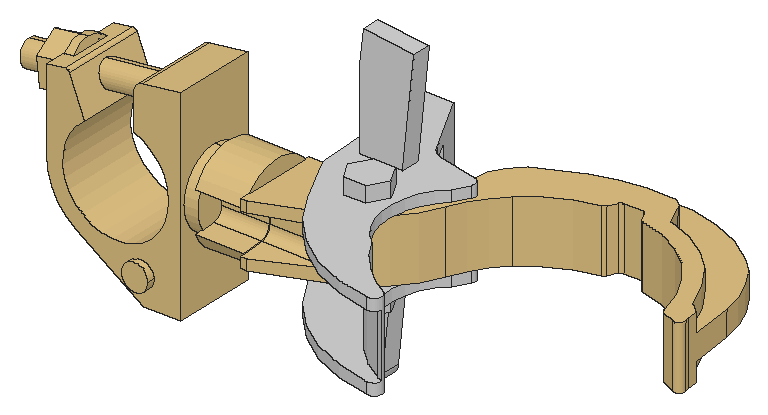
Revit family "EHL_SWIVEL BRACING HOOK_2220100", category Generic Models, Revit 2018
Family settings
  Can host rebar = No
  Round Connector Dimension = Use Diameter
  Part Type = Normal
  OmniClass Number = 35.51.14.00
  OmniClass Title = FORMWORK
  Work Plane-Based = Yes
  Always vertical = No
  Cut with Voids When Loaded = No
  Shared = Yes
  Room Calculation Point = No
Parameters
  VERSION = "20170217"  # constant formula
  URL = "www.ulmaconstruction.com/en"
  UNICLASS = ""
  Manufacturer = "ULMA CONSTRUCTION"  # constant formula
  ITEM_CODE = "2220100"
  FILTER [instance] = ""
  Default Elevation = 0.000 mm
  CLASSIFICATION_TITLE = ""
  CLASSIFICATION_NUMBER = ""
  ANGLE [instance] = 0.00°
Reference planes
  plane 1 "Centro (Frontal/Posterior)": y = 0
  plane 2: z = 0
  plane 3 "Centro (Izquierda/Derecha)": x = 0
  plane 4 "COUPLER POSITION": x = -171
Forms (mm)
  Extrusion 1, solid, material "ULMA BICHROMATE", detail levels fine
    sketch origin (0, 0, 0) x (-1, 0, 0) y (0, -1, 0)
      loop
        arc (-9.415, -54.949) -> (-39.125, -39.715) -> (-54.802, -10.236) r 55.75
        arc (-54.802, -10.236) -> (-55.276, -9.18) -> (-56.181, -8.458) r 2.46
        line (-56.181, -8.458) -> (-62.543, -5.491)
        arc (-62.543, -5.491) -> (-65.221, -5.854) -> (-66.004, -8.441) r 2.5
        line (-66.004, -8.441) -> (-65.503, -10.204) -> (-62.722, -35.861)
        arc (-62.722, -35.861) -> (-56.857, -54.21) -> (-44.498, -68.985) r 50.058
        arc (-44.498, -68.985) -> (-27.276, -79.37) -> (-7.835, -84.52) r 71.127
        line (-7.835, -84.52) -> (9.041, -84.52)
        arc (9.041, -84.52) -> (15.444, -83.458) -> (21.727, -81.83) r 72.924
        arc (21.727, -81.83) -> (38.94, -72.801) -> (51.518, -57.981) r 50.939
        arc (51.518, -57.981) -> (54.926, -53.297) -> (59.315, -49.519) r 25
        arc (59.315, -49.519) -> (69.169, -42.343) -> (78.5, -34.5) r 175.396
        line (78.5, -34.5) -> (79.668, -21.151)
        arc (79.668, -21.151) -> (80.95, -18.551) -> (83.653, -17.5) r 4
        line (83.653, -17.5) -> (112.779, -17.5) -> (112.779, 21) -> (110, 21) -> (80.183, 8.953)
        arc (80.183, 8.953) -> (63.164, -2.449) -> (52.146, -19.72) r 50
        arc (52.146, -19.72) -> (46.491, -30.767) -> (38.533, -40.29) r 55.75
        arc (38.533, -40.29) -> (25.075, -49.793) -> (9.427, -54.947) r 55.75
        arc (9.427, -54.947) -> (8.551, -55.329) -> (7.953, -56.073) r 2
        line (7.953, -56.073) -> (6.194, -59.845)
        arc (6.194, -59.845) -> (5.456, -60.687) -> (4.381, -61) r 2
        line (4.381, -61) -> (-4.381, -61)
        arc (-4.381, -61) -> (-5.456, -60.687) -> (-6.194, -59.845) r 2
        line (-6.194, -59.845) -> (-7.952, -56.075)
        spline (-7.952, -56.075) -> (-8.025, -55.933) -> (-8.109, -55.797) -> (-8.204, -55.668) -> (-8.309, -55.548) -> (-8.423, -55.436) -> (-8.546, -55.333) -> (-8.677, -55.241) -> (-8.814, -55.159) -> (-8.958, -55.089) -> (-9.106, -55.03) -> (-9.259, -54.984) -> (-9.415, -54.949)
      loop
        circle (75, -5) r 5.25
    from -14.2 to 14.2
  Extrusion 2, solid, material "ULMA BICHROMATE", detail levels fine
    sketch origin (0, 0, 0) x (0, 1, 0) y (0, 0, -1)
      loop
        circle (0, 0) r 21.25
    from 112.779 to 134.7
  Extrusion 3, void
    sketch origin (0, 0, 0) x (-1, 0, 0) y (0, -1, 0)
      loop
        arc (-17.172, -61.068) -> (-43.879, -45.835) -> (-60.07, -19.699) r 62.406
        line (-60.07, -19.699) -> (-66.013, -14.348) -> (-66.013, -86.27) -> (80.89, -86.27) -> (80.89, -20.894)
        arc (80.89, -20.894) -> (73.161, -21.045) -> (65.431, -21.139) r 1055.933
        arc (65.431, -21.139) -> (61.807, -25.128) -> (58.331, -29.248) r 147.622
        line (58.331, -29.248) -> (56.547, -48.914)
        arc (56.547, -48.914) -> (54.986, -51.483) -> (53.221, -53.917) r 36.931
        line (53.221, -53.917) -> (50.918, -56.844) -> (47.592, -60.536)
        arc (47.592, -60.536) -> (37.876, -65.558) -> (27.858, -69.948) r 170.736
        arc (27.858, -69.948) -> (11.017, -74.507) -> (-6.42, -75.069) r 75.203
        arc (-6.42, -75.069) -> (-10.286, -73.655) -> (-12.906, -70.481) r 7.858
        arc (-12.906, -70.481) -> (-15.044, -65.777) -> (-17.172, -61.068) r 2222.639
    from 5.6 to 14.2
  Extrusion 4, void
    sketch origin (0, 0, -35) x (-1, 0, 0) y (0, -1, 0)
      loop
        arc (-17.172, -61.068) -> (-43.879, -45.835) -> (-60.07, -19.699) r 62.406
        line (-60.07, -19.699) -> (-66.013, -14.348) -> (-66.013, -86.27) -> (80.89, -86.27) -> (80.89, -20.894)
        arc (80.89, -20.894) -> (73.161, -21.045) -> (65.431, -21.139) r 1055.933
        arc (65.431, -21.139) -> (61.807, -25.128) -> (58.331, -29.248) r 147.622
        line (58.331, -29.248) -> (56.547, -48.914)
        arc (56.547, -48.914) -> (54.986, -51.483) -> (53.221, -53.917) r 36.931
        line (53.221, -53.917) -> (50.918, -56.844) -> (47.592, -60.536)
        arc (47.592, -60.536) -> (37.876, -65.558) -> (27.858, -69.948) r 170.736
        arc (27.858, -69.948) -> (11.017, -74.507) -> (-6.42, -75.069) r 75.203
        arc (-6.42, -75.069) -> (-10.286, -73.655) -> (-12.906, -70.481) r 7.858
        arc (-12.906, -70.481) -> (-15.044, -65.777) -> (-17.172, -61.068) r 2222.639
    from 20.8 to 29.4
  Extrusion 5, solid, material "ULMA ZINC", detail levels fine
    sketch origin (0, 0, 0) x (-1, 0, 0) y (0, -1, 0)
      loop
        arc (88.479, 13.391) -> (63.063, 42.619) -> (26.896, 56.482) r 80
        arc (26.896, 56.482) -> (23.121, 54.016) -> (24.908, 49.876) r 3.5
        arc (24.908, 49.876) -> (39.309, 39.533) -> (49.734, 25.19) r 55.75
        arc (49.734, 25.19) -> (61.962, 1.553) -> (52.083, -23.159) r 32
        arc (52.083, -23.159) -> (50.416, -26.594) -> (48.522, -29.91) r 57
        arc (48.522, -29.91) -> (48.319, -32.667) -> (50.457, -34.42) r 3
        line (50.457, -34.42) -> (68.517, -38.23)
        arc (68.517, -38.23) -> (72.482, -40.036) -> (75.302, -43.357) r 10
        line (75.302, -43.357) -> (90.904, -73) -> (103.699, -73) -> (100.509, -12.123)
        arc (100.509, -12.123) -> (100.181, -10.058) -> (99.432, -8.106) r 10
        line (99.432, -8.106) -> (88.479, 13.391)
    from -19.75 to 19.75
  Extrusion 6, solid, material "ULMA ZINC", detail levels fine
    sketch origin (0, 0, 0) x (-1, 0, 0) y (0, 0, 1)
      loop
        line (69.566, 68.569) -> (83.484, -66.214)
        arc (83.484, -66.214) -> (85.85, -70.589) -> (90.616, -72.011) r 6.499
        line (90.616, -72.011) -> (97.081, -71.344) -> (93.997, -41.477) -> (93.997, 55.885) -> (92.444, 70.931) -> (69.566, 68.569)
    from 23.25 to 31.75
  Extrusion 7, solid, material "ULMA ZINC", detail levels fine
    sketch origin (0, 0, 0) x (-1, 0, 0) y (0, -1, 0)
      loop
        line (70.093, 3.5) -> (65.185, -5) -> (70.093, -13.5) -> (79.907, -13.5) -> (84.815, -5) -> (79.907, 3.5) -> (70.093, 3.5)
    from 19.75 to 26.75
  Extrusion 8, solid, material "ULMA ZINC", detail levels fine
    sketch origin (0, 0, -46.5) x (-1, 0, 0) y (0, -1, 0)
      loop
        line (70.093, 3.5) -> (65.185, -5) -> (70.093, -13.5) -> (79.907, -13.5) -> (84.815, -5) -> (79.907, 3.5) -> (70.093, 3.5)
    from 19.75 to 26.75
  Extrusion 9, void
    sketch origin (0, 0, 0) x (-1, 0, 0) y (0, -1, 0)
      loop
        arc (53.518, 21.701) -> (61.984, -1.023) -> (52.083, -23.159) r 32
        arc (52.083, -23.159) -> (50.416, -26.594) -> (48.522, -29.91) r 57
        arc (48.522, -29.91) -> (48.319, -32.667) -> (50.457, -34.42) r 3
        line (50.457, -34.42) -> (68.517, -38.23)
        arc (68.517, -38.23) -> (72.482, -40.036) -> (75.302, -43.357) r 10
        line (75.302, -43.357) -> (81.718, -55.548) -> (94, -55.548) -> (94, -23) -> (101.079, -23) -> (100.509, -12.123)
        arc (100.509, -12.123) -> (100.181, -10.058) -> (99.432, -8.106) r 10
        line (99.432, -8.106) -> (88.479, 13.391)
        arc (88.479, 13.391) -> (63.063, 42.619) -> (26.896, 56.482) r 80
        arc (26.896, 56.482) -> (24.143, 55.62) -> (22.972, 52.984) r 3.5
        arc (22.972, 52.984) -> (24.396, 52.344) -> (25.802, 51.665) r 57.75
        arc (25.802, 51.665) -> (42.395, 39.213) -> (53.518, 21.701) r 57.75
    from -14.75 to 14.75
  Extrusion 10, void
    sketch origin (0, 0, 0) x (0, 1, 0) y (0, 0, -1)
      loop
        arc (-9.288, -8.299) -> (-6.038, -6.696) -> (-4.724, -3.318) r 5
        line (-4.724, -3.318) -> (-4.724, 3.318)
        arc (-4.724, 3.318) -> (-6.038, 6.696) -> (-9.288, 8.299) r 5
        line (-9.288, 8.299) -> (-24, 9.586) -> (-24, -9.586) -> (-9.288, -8.299)
    from 69.04 to 137.016
  Extrusion 11, solid, material "ULMA BICHROMATE", detail levels coarse+medium
    sketch origin (0, 0, 0) x (1, 0, 0) y (0, 1, 0)
      loop
        arc (-109.7, 85) -> (-127.378, 77.678) -> (-134.7, 60) r 25
        line (-134.7, 60) -> (-134.7, -60)
        arc (-134.7, -60) -> (-127.378, -77.678) -> (-109.7, -85) r 25
        line (-109.7, -85) -> (40.3, -85)
        arc (40.3, -85) -> (57.978, -77.678) -> (65.3, -60) r 25
        line (65.3, -60) -> (65.3, 60)
        arc (65.3, 60) -> (57.978, 77.678) -> (40.3, 85) r 25
        line (40.3, 85) -> (-109.7, 85)
    from -14.2 to 14.2
Cuts and joins
  Extrusion 3, Extrusion 4, Extrusion 10 cuts Extrusion 1
  Extrusion 9 cuts Extrusion 5
  Extrusion 10 cuts Extrusion 2
Lines and regions (mm)
  reference lines
    curve 1: line (-171, 0, 0) -> (-171, 0, -250)
Dimensions and locks
  locked: plane 3 "Centro (Izquierda/Derecha)" to plane 4 "COUPLER POSITION" at 171
  "ANGLE": angle plane 1 "Centro (Frontal/Posterior)" to curve 1
  aligned and locked: level to plane 2
  aligned and locked: plane 2 to curve 1
  aligned and locked: plane 1 "Centro (Frontal/Posterior)" to curve 1
Automatic sketch dimensions
  Extrusion 1 sketch curve to Extrusion 1 sketch curve = 0.000 mm  (x9)
  plane 1 "Centro (Frontal/Posterior)" to Extrusion 1 sketch curve = 0.000 mm
  Extrusion 1 sketch curve to plane 3 "Centro (Izquierda/Derecha)" = 0.000 mm
  Extrusion 1 sketch curve to plane 3 "Centro (Izquierda/Derecha)" = 4.381 mm
  Extrusion 1 sketch curve to Extrusion 1 sketch curve = 1.813 mm  (x3)
  Extrusion 1 sketch curve to plane 3 "Centro (Izquierda/Derecha)" = 7.835 mm
  Extrusion 1 sketch curve to Extrusion 1 sketch curve = 1.758 mm
  Extrusion 1 sketch curve to plane 3 "Centro (Izquierda/Derecha)" = 12.998 mm
  Extrusion 1 sketch curve to plane 3 "Centro (Izquierda/Derecha)" = 38.951 mm
  plane 1 "Centro (Frontal/Posterior)" to Extrusion 1 sketch curve = 8.458 mm
  Extrusion 1 sketch curve to Extrusion 1 sketch curve = 43.182 mm
  Extrusion 1 sketch curve to Extrusion 1 sketch curve = 1.040 mm
  plane 1 "Centro (Frontal/Posterior)" to Extrusion 1 sketch curve = 5.491 mm
  Extrusion 1 sketch curve to Extrusion 1 sketch curve = 6.362 mm
  plane 1 "Centro (Frontal/Posterior)" to Extrusion 1 sketch curve = 35.861 mm
  Extrusion 1 sketch curve to Extrusion 1 sketch curve = 5.501 mm
  Extrusion 1 sketch curve to Extrusion 1 sketch curve = 1.057 mm
  plane 1 "Centro (Frontal/Posterior)" to Extrusion 1 sketch curve = 10.204 mm
  Extrusion 1 sketch curve to Extrusion 1 sketch curve = 1.903 mm
  plane 1 "Centro (Frontal/Posterior)" to Extrusion 1 sketch curve = 8.441 mm
  Extrusion 1 sketch curve to Extrusion 1 sketch curve = 0.501 mm
  plane 3 "Centro (Izquierda/Derecha)" to Extrusion 1 sketch curve = 0.317 mm
  plane 3 "Centro (Izquierda/Derecha)" to Extrusion 1 sketch curve = 0.474 mm
  plane 3 "Centro (Izquierda/Derecha)" to Extrusion 1 sketch curve = 4.381 mm
  plane 3 "Centro (Izquierda/Derecha)" to Extrusion 1 sketch curve = 7.106 mm
  Extrusion 1 sketch curve to Extrusion 1 sketch curve = 1.759 mm
  plane 3 "Centro (Izquierda/Derecha)" to Extrusion 1 sketch curve = 9.041 mm
  Extrusion 1 sketch curve to Extrusion 1 sketch curve = 63.557 mm
  plane 1 "Centro (Frontal/Posterior)" to Extrusion 1 sketch curve = 5.000 mm
  Extrusion 1 sketch curve to Extrusion 1 sketch curve = 1.678 mm
  plane 1 "Centro (Frontal/Posterior)" to Extrusion 1 sketch curve = 34.500 mm
  Extrusion 1 sketch curve to Extrusion 1 sketch curve = 3.500 mm
  plane 1 "Centro (Frontal/Posterior)" to Extrusion 1 sketch curve = 21.151 mm
  Extrusion 1 sketch curve to Extrusion 1 sketch curve = 1.168 mm
  Extrusion 1 sketch curve to plane 1 "Centro (Frontal/Posterior)" = 8.953 mm
  Extrusion 1 sketch curve to Extrusion 1 sketch curve = 5.183 mm
  Extrusion 1 sketch curve to Extrusion 1 sketch curve = 3.985 mm
  Extrusion 1 sketch curve to Extrusion 1 sketch curve = 20.413 mm
  Extrusion 1 sketch curve to Extrusion 1 sketch curve = 29.817 mm
  Extrusion 1 sketch curve to Extrusion 1 sketch curve = 2.779 mm
  Extrusion 1 sketch curve to plane 1 "Centro (Frontal/Posterior)" = 21.000 mm
  Extrusion 1 sketch curve to plane 1 "Centro (Frontal/Posterior)" = 95.765 mm
  Extrusion 1 sketch curve to Extrusion 1 sketch curve = 2.230 mm
  plane 1 "Centro (Frontal/Posterior)" to Extrusion 1 sketch curve = 12.119 mm
  Extrusion 1 sketch curve to Extrusion 1 sketch curve = 1.761 mm
  Extrusion 1 sketch curve to Extrusion 1 sketch curve = 3.651 mm
  Extrusion 1 sketch curve to Extrusion 1 sketch curve = 16.199 mm
  Extrusion 1 sketch curve to Extrusion 1 sketch curve = 19.154 mm
  Extrusion 1 sketch curve to Extrusion 1 sketch curve = 2.906 mm
  Extrusion 1 sketch curve to Extrusion 1 sketch curve = 23.038 mm
  Extrusion 1 sketch curve to Extrusion 1 sketch curve = 0.002 mm
  Extrusion 1 sketch curve to Extrusion 1 sketch curve = 0.845 mm  (x2)
  Extrusion 1 sketch curve to Extrusion 1 sketch curve = 2.925 mm
  Extrusion 1 sketch curve to Extrusion 1 sketch curve = 2.927 mm
  Extrusion 1 sketch curve to Extrusion 1 sketch curve = 35.727 mm
  Extrusion 1 sketch curve to Extrusion 1 sketch curve = 23.520 mm
  Extrusion 1 sketch curve to Extrusion 1 sketch curve = 1.464 mm
  Extrusion 1 sketch curve to Extrusion 1 sketch curve = 0.347 mm
  Extrusion 1 sketch curve to Extrusion 1 sketch curve = 12.686 mm
  Extrusion 1 sketch curve to Extrusion 1 sketch curve = 20.783 mm
  Extrusion 1 sketch curve to Extrusion 1 sketch curve = 7.797 mm
  Extrusion 1 sketch curve to Extrusion 1 sketch curve = 0.006 mm
  Extrusion 2 sketch curve to level = 0.000 mm
  Extrusion 2 sketch curve to plane 1 "Centro (Frontal/Posterior)" = 0.000 mm
  Extrusion 3 sketch curve to plane 3 "Centro (Izquierda/Derecha)" = 66.013 mm
  plane 1 "Centro (Frontal/Posterior)" to Extrusion 3 sketch curve = 19.699 mm
  Extrusion 3 sketch curve to Extrusion 3 sketch curve = 5.943 mm
  Extrusion 3 sketch curve to plane 3 "Centro (Izquierda/Derecha)" = 35.627 mm
  Extrusion 3 sketch curve to plane 3 "Centro (Izquierda/Derecha)" = 5.748 mm
  Extrusion 3 sketch curve to plane 3 "Centro (Izquierda/Derecha)" = 0.559 mm
  Extrusion 3 sketch curve to plane 3 "Centro (Izquierda/Derecha)" = 0.107 mm
  plane 3 "Centro (Izquierda/Derecha)" to Extrusion 3 sketch curve = 24.230 mm
  Extrusion 3 sketch curve to Extrusion 3 sketch curve = 23.363 mm
  Extrusion 3 sketch curve to Extrusion 3 sketch curve = 3.326 mm  (x2)
  Extrusion 3 sketch curve to Extrusion 3 sketch curve = 2.303 mm
  plane 3 "Centro (Izquierda/Derecha)" to Extrusion 3 sketch curve = 56.459 mm
  plane 1 "Centro (Frontal/Posterior)" to Extrusion 3 sketch curve = 48.914 mm
  plane 1 "Centro (Frontal/Posterior)" to Extrusion 3 sketch curve = 29.248 mm
  Extrusion 3 sketch curve to Extrusion 3 sketch curve = 1.784 mm
  Extrusion 3 sketch curve to Extrusion 3 sketch curve = 29.972 mm
  plane 4 "COUPLER POSITION" to Extrusion 3 sketch curve = 1.869 mm
  plane 4 "COUPLER POSITION" to Extrusion 3 sketch curve = 1838.334 mm
  Extrusion 3 sketch curve to Extrusion 3 sketch curve = 5.351 mm
  plane 1 "Centro (Frontal/Posterior)" to Extrusion 3 sketch curve = 0.915 mm
  plane 1 "Centro (Frontal/Posterior)" to Extrusion 3 sketch curve = 0.131 mm
  Extrusion 3 sketch curve to plane 1 "Centro (Frontal/Posterior)" = 88.546 mm
  Extrusion 3 sketch curve to plane 1 "Centro (Frontal/Posterior)" = 851.836 mm
  Extrusion 3 sketch curve to Extrusion 3 sketch curve = 946.209 mm
  plane 1 "Centro (Frontal/Posterior)" to Extrusion 3 sketch curve = 20.894 mm
  plane 1 "Centro (Frontal/Posterior)" to Extrusion 3 sketch curve = 31.039 mm
  Extrusion 3 sketch curve to Extrusion 3 sketch curve = 2.927 mm
  Extrusion 3 sketch curve to Extrusion 3 sketch curve = 3.691 mm
  Extrusion 3 sketch curve to Extrusion 3 sketch curve = 36.200 mm
  Extrusion 3 sketch curve to Extrusion 3 sketch curve = 29.426 mm
  Extrusion 3 sketch curve to Extrusion 3 sketch curve = 36.108 mm
  Extrusion 3 sketch curve to Extrusion 3 sketch curve = 11.425 mm
  Extrusion 3 sketch curve to Extrusion 3 sketch curve = 7.158 mm
  Extrusion 3 sketch curve to plane 3 "Centro (Izquierda/Derecha)" = 6.420 mm
  Extrusion 3 sketch curve to Extrusion 3 sketch curve = 19.737 mm
  Extrusion 3 sketch curve to Extrusion 3 sketch curve = 0.002 mm
  plane 3 "Centro (Izquierda/Derecha)" to Extrusion 4 sketch curve = 66.013 mm
  Extrusion 4 sketch curve to plane 1 "Centro (Frontal/Posterior)" = 19.699 mm
  Extrusion 4 sketch curve to Extrusion 4 sketch curve = 5.943 mm
  plane 3 "Centro (Izquierda/Derecha)" to Extrusion 4 sketch curve = 35.627 mm
  plane 3 "Centro (Izquierda/Derecha)" to Extrusion 4 sketch curve = 5.748 mm
  plane 3 "Centro (Izquierda/Derecha)" to Extrusion 4 sketch curve = 0.559 mm
  plane 3 "Centro (Izquierda/Derecha)" to Extrusion 4 sketch curve = 0.107 mm
  Extrusion 4 sketch curve to plane 3 "Centro (Izquierda/Derecha)" = 24.230 mm
  Extrusion 4 sketch curve to Extrusion 4 sketch curve = 23.363 mm
  Extrusion 4 sketch curve to Extrusion 4 sketch curve = 3.326 mm  (x2)
  Extrusion 4 sketch curve to Extrusion 4 sketch curve = 2.303 mm
  Extrusion 4 sketch curve to plane 3 "Centro (Izquierda/Derecha)" = 56.459 mm
  Extrusion 4 sketch curve to plane 1 "Centro (Frontal/Posterior)" = 48.914 mm
  Extrusion 4 sketch curve to plane 1 "Centro (Frontal/Posterior)" = 29.248 mm
  Extrusion 4 sketch curve to Extrusion 4 sketch curve = 1.784 mm
  Extrusion 4 sketch curve to Extrusion 4 sketch curve = 29.972 mm
  Extrusion 4 sketch curve to plane 4 "COUPLER POSITION" = 1.869 mm
  Extrusion 4 sketch curve to plane 4 "COUPLER POSITION" = 1838.334 mm
  Extrusion 4 sketch curve to Extrusion 4 sketch curve = 5.003 mm
  Extrusion 4 sketch curve to Extrusion 4 sketch curve = 2.927 mm
  Extrusion 4 sketch curve to Extrusion 4 sketch curve = 3.691 mm
  Extrusion 4 sketch curve to Extrusion 4 sketch curve = 36.200 mm
  Extrusion 4 sketch curve to Extrusion 4 sketch curve = 29.426 mm
  Extrusion 4 sketch curve to Extrusion 4 sketch curve = 36.108 mm
  Extrusion 4 sketch curve to plane 1 "Centro (Frontal/Posterior)" = 20.894 mm
  Extrusion 4 sketch curve to Extrusion 4 sketch curve = 5.351 mm
  Extrusion 4 sketch curve to plane 1 "Centro (Frontal/Posterior)" = 0.915 mm
  Extrusion 4 sketch curve to plane 1 "Centro (Frontal/Posterior)" = 0.131 mm
  plane 1 "Centro (Frontal/Posterior)" to Extrusion 4 sketch curve = 88.546 mm
  plane 1 "Centro (Frontal/Posterior)" to Extrusion 4 sketch curve = 851.836 mm
  Extrusion 4 sketch curve to Extrusion 4 sketch curve = 946.209 mm
  Extrusion 4 sketch curve to Extrusion 4 sketch curve = 11.425 mm
  Extrusion 4 sketch curve to Extrusion 4 sketch curve = 7.158 mm
  plane 3 "Centro (Izquierda/Derecha)" to Extrusion 4 sketch curve = 6.420 mm
  Extrusion 4 sketch curve to Extrusion 4 sketch curve = 19.737 mm
  Extrusion 4 sketch curve to Extrusion 4 sketch curve = 0.002 mm
  Extrusion 5 sketch curve to Extrusion 5 sketch curve = 0.000 mm  (x4)
  plane 1 "Centro (Frontal/Posterior)" to Extrusion 5 sketch curve = 0.000 mm  (x2)
  Extrusion 5 sketch curve to plane 3 "Centro (Izquierda/Derecha)" = 0.000 mm
  Extrusion 5 sketch curve to plane 3 "Centro (Izquierda/Derecha)" = 17.199 mm
  Extrusion 5 sketch curve to plane 3 "Centro (Izquierda/Derecha)" = 26.472 mm
  Extrusion 5 sketch curve to Extrusion 5 sketch curve = 12.801 mm
  Extrusion 5 sketch curve to Extrusion 5 sketch curve = 33.258 mm
  Extrusion 5 sketch curve to Extrusion 5 sketch curve = 0.619 mm
  Extrusion 5 sketch curve to Extrusion 5 sketch curve = 15.996 mm
  Extrusion 5 sketch curve to plane 1 "Centro (Frontal/Posterior)" = 38.230 mm
  Extrusion 5 sketch curve to Extrusion 5 sketch curve = 2.064 mm
  Extrusion 5 sketch curve to plane 1 "Centro (Frontal/Posterior)" = 43.357 mm
  Extrusion 5 sketch curve to Extrusion 5 sketch curve = 6.785 mm
  plane 1 "Centro (Frontal/Posterior)" to Extrusion 5 sketch curve = 13.391 mm
  Extrusion 5 sketch curve to Extrusion 5 sketch curve = 19.962 mm
  Extrusion 5 sketch curve to plane 1 "Centro (Frontal/Posterior)" = 12.646 mm
  Extrusion 5 sketch curve to Extrusion 5 sketch curve = 2.043 mm
  Extrusion 5 sketch curve to Extrusion 5 sketch curve = 15.601 mm
  Extrusion 5 sketch curve to plane 1 "Centro (Frontal/Posterior)" = 8.106 mm
  Extrusion 5 sketch curve to Extrusion 5 sketch curve = 8.910 mm
  Extrusion 5 sketch curve to plane 1 "Centro (Frontal/Posterior)" = 12.123 mm
  Extrusion 5 sketch curve to Extrusion 5 sketch curve = 12.795 mm
  Extrusion 5 sketch curve to Extrusion 5 sketch curve = 29.643 mm
  Extrusion 5 sketch curve to Extrusion 5 sketch curve = 3.810 mm
  Extrusion 5 sketch curve to Extrusion 5 sketch curve = 2.935 mm
  Extrusion 5 sketch curve to plane 1 "Centro (Frontal/Posterior)" = 22.928 mm
  plane 1 "Centro (Frontal/Posterior)" to Extrusion 5 sketch curve = 53.007 mm
  Extrusion 5 sketch curve to Extrusion 5 sketch curve = 1.564 mm
  plane 1 "Centro (Frontal/Posterior)" to Extrusion 5 sketch curve = 25.190 mm
  Extrusion 6 sketch curve to plane 3 "Centro (Izquierda/Derecha)" = 69.566 mm
  plane 4 "COUPLER POSITION" to Extrusion 6 sketch curve = 81.051 mm
  Extrusion 6 sketch curve to Extrusion 6 sketch curve = 22.878 mm
  level to Extrusion 6 sketch curve = 55.885 mm
  Extrusion 6 sketch curve to Extrusion 6 sketch curve = 1.554 mm
  Extrusion 6 sketch curve to Extrusion 6 sketch curve = 7.133 mm
  Extrusion 6 sketch curve to level = 41.477 mm
  Extrusion 6 sketch curve to Extrusion 6 sketch curve = 24.069 mm
  Extrusion 6 sketch curve to Extrusion 6 sketch curve = 5.798 mm
  Extrusion 6 sketch curve to Extrusion 6 sketch curve = 12.684 mm
  Extrusion 6 sketch curve to level = 66.214 mm
  Extrusion 6 sketch curve to Extrusion 6 sketch curve = 0.001 mm
  Extrusion 6 sketch curve to Extrusion 6 sketch curve = 0.668 mm
  Extrusion 6 sketch curve to level = 72.011 mm
  Extrusion 6 sketch curve to Extrusion 6 sketch curve = 0.000 mm
  Extrusion 7 sketch curve to plane 1 "Centro (Frontal/Posterior)" = 5.000 mm  (x2)
  Extrusion 7 sketch curve to plane 3 "Centro (Izquierda/Derecha)" = 65.185 mm
  plane 1 "Centro (Frontal/Posterior)" to Extrusion 7 sketch curve = 3.500 mm
  Extrusion 7 sketch curve to Extrusion 7 sketch curve = 4.907 mm  (x3)
  Extrusion 7 sketch curve to plane 1 "Centro (Frontal/Posterior)" = 13.500 mm
  Extrusion 7 sketch curve to Extrusion 7 sketch curve = 9.815 mm  (x2)
  Extrusion 8 sketch curve to plane 1 "Centro (Frontal/Posterior)" = 5.000 mm  (x2)
  Extrusion 8 sketch curve to plane 3 "Centro (Izquierda/Derecha)" = 65.185 mm
  plane 1 "Centro (Frontal/Posterior)" to Extrusion 8 sketch curve = 3.500 mm
  Extrusion 8 sketch curve to Extrusion 8 sketch curve = 4.907 mm  (x3)
  Extrusion 8 sketch curve to plane 1 "Centro (Frontal/Posterior)" = 13.500 mm
  Extrusion 8 sketch curve to Extrusion 8 sketch curve = 9.815 mm  (x2)
  Extrusion 9 sketch curve to Extrusion 9 sketch curve = 0.000 mm  (x8)
  plane 1 "Centro (Frontal/Posterior)" to Extrusion 9 sketch curve = 0.000 mm  (x2)
  Extrusion 9 sketch curve to plane 3 "Centro (Izquierda/Derecha)" = 0.000 mm
  Extrusion 9 sketch curve to plane 3 "Centro (Izquierda/Derecha)" = 17.199 mm
  Extrusion 9 sketch curve to plane 3 "Centro (Izquierda/Derecha)" = 26.472 mm
  Extrusion 9 sketch curve to Extrusion 9 sketch curve = 12.801 mm
  Extrusion 9 sketch curve to Extrusion 9 sketch curve = 33.258 mm
  Extrusion 9 sketch curve to Extrusion 9 sketch curve = 0.619 mm
  Extrusion 9 sketch curve to Extrusion 9 sketch curve = 15.996 mm
  Extrusion 9 sketch curve to plane 1 "Centro (Frontal/Posterior)" = 38.230 mm
  Extrusion 9 sketch curve to Extrusion 9 sketch curve = 2.064 mm
  Extrusion 9 sketch curve to plane 1 "Centro (Frontal/Posterior)" = 43.357 mm
  Extrusion 9 sketch curve to Extrusion 9 sketch curve = 6.785 mm
  Extrusion 9 sketch curve to Extrusion 9 sketch curve = 6.416 mm
  plane 1 "Centro (Frontal/Posterior)" to Extrusion 9 sketch curve = 13.391 mm
  Extrusion 9 sketch curve to Extrusion 9 sketch curve = 19.962 mm
  Extrusion 9 sketch curve to plane 1 "Centro (Frontal/Posterior)" = 12.646 mm
  Extrusion 9 sketch curve to Extrusion 9 sketch curve = 2.043 mm
  Extrusion 9 sketch curve to Extrusion 9 sketch curve = 12.282 mm
  Extrusion 9 sketch curve to plane 1 "Centro (Frontal/Posterior)" = 8.106 mm
  Extrusion 9 sketch curve to Extrusion 9 sketch curve = 8.910 mm
  Extrusion 9 sketch curve to plane 1 "Centro (Frontal/Posterior)" = 12.123 mm
  Extrusion 9 sketch curve to plane 1 "Centro (Frontal/Posterior)" = 23.000 mm
  Extrusion 9 sketch curve to Extrusion 9 sketch curve = 7.079 mm
  Extrusion 9 sketch curve to Extrusion 9 sketch curve = 12.191 mm
  Extrusion 9 sketch curve to Extrusion 9 sketch curve = 3.810 mm
  Extrusion 9 sketch curve to Extrusion 9 sketch curve = 2.935 mm
  Extrusion 9 sketch curve to plane 1 "Centro (Frontal/Posterior)" = 22.928 mm
  plane 1 "Centro (Frontal/Posterior)" to Extrusion 9 sketch curve = 53.007 mm
  Extrusion 9 sketch curve to Extrusion 9 sketch curve = 3.500 mm
  Extrusion 9 sketch curve to Extrusion 9 sketch curve = 0.670 mm
  Extrusion 9 sketch curve to Extrusion 9 sketch curve = 3.561 mm
  level to Extrusion 10 sketch curve = 9.586 mm
  plane 1 "Centro (Frontal/Posterior)" to Extrusion 10 sketch curve = 24.000 mm
  Extrusion 10 sketch curve to level = 3.318 mm
  plane 1 "Centro (Frontal/Posterior)" to Extrusion 10 sketch curve = 9.724 mm
  Extrusion 10 sketch curve to Extrusion 10 sketch curve = 0.000 mm
  Extrusion 10 sketch curve to Extrusion 10 sketch curve = 0.436 mm  (x2)
  plane 1 "Centro (Frontal/Posterior)" to Extrusion 10 sketch curve = 4.724 mm
  level to Extrusion 10 sketch curve = 8.299 mm
  Extrusion 10 sketch curve to level = 9.586 mm
  plane 4 "COUPLER POSITION" to Extrusion 11 sketch curve = 61.300 mm
  Extrusion 11 sketch curve to Extrusion 11 sketch curve = 25.000 mm  (x4)
  plane 1 "Centro (Frontal/Posterior)" to Extrusion 11 sketch curve = 60.000 mm
  Extrusion 11 sketch curve to plane 1 "Centro (Frontal/Posterior)" = 60.000 mm
  plane 3 "Centro (Izquierda/Derecha)" to Extrusion 11 sketch curve = 40.300 mm
  radius of Extrusion 1 sketch curve = 5.250 mm
  radius of Extrusion 2 sketch curve = 21.250 mm
Nested families
  nested 1: "SEMIABRAZADERA D48 BICROMATADA - 2125442_BRACING" at (-134.7, 0, 0) x (1, 0, 0) z (0, -1, 0), type "SEMIABRAZADERA D48 BICROMATADA - 2125442_BRACING"
Definition of nested family "SEMIABRAZADERA D48 BICROMATADA - 2125442_BRACING"
  Parameters (values of type "SEMIABRAZADERA D48 BICROMATADA - 2125442_BRACING")
    VERSION = "20170217"  # constant formula
    Model = ""
    Manufacturer = "ULMA CONSTRUCTION"  # constant formula
    Default Elevation = 0.000 mm
  Reference planes
    plane 1 "Centro (Frontal/Posterior)": y = 0
    plane 2: z = 0
    plane 3 "Centro (Izquierda/Derecha)": x = 0
    plane 4 "Plano Tornillo": through (-60.806, 41.119, 1200) normal (0.9925, 0.1219, 0)
    plane 5: x = -36.3
  Forms (mm)
    Extrusion 1, solid, detail levels fine
      sketch origin (4230.9, -541.261, 182) x (0, -1, 0) y (1, 0, 0)
        loop
          line (-587.61, -4237.9) -> (-585.223, -4254.883)
          arc (-585.223, -4254.883) -> (-583.552, -4257.961) -> (-580.272, -4259.187) r 5
          line (-580.272, -4259.187) -> (-564.043, -4259.187)
          arc (-564.043, -4259.187) -> (-517.353, -4263.79) -> (-560.895, -4281.262) r 24.15
          line (-560.895, -4281.262) -> (-577.903, -4288.134)
          arc (-577.903, -4288.134) -> (-578.877, -4288.973) -> (-579.139, -4290.232) r 2
          line (-579.139, -4290.232) -> (-578.099, -4298.704) -> (-541.261, -4298.704)
          arc (-541.261, -4298.704) -> (-526.385, -4295.208) -> (-514.987, -4285.029) r 31
          line (-514.987, -4285.029) -> (-494.547, -4254.687) -> (-494.547, -4237.9) -> (-587.61, -4237.9)
      from -201 to -163
    Extrusion 2, solid, detail levels fine
      sketch origin (4239.482, -541.261, 182) x (0, -1, 0) y (1, 0, 0)
        loop
          circle (-507.261, -4264.782) r 6
      from -163 to -160
    Extrusion 3, solid, detail levels fine
      sketch origin (4239.482, -541.261, 141) x (0, -1, 0) y (1, 0, 0)
        loop
          circle (-507.261, -4264.782) r 6
      from -163 to -160
    Extrusion 4, solid, detail levels fine
      sketch origin (-55.331, -3.476, 0) x (-0.121869, 0.992546, 0) y (0, 0, 1)
        loop
          line (26.082, 11) -> (19.732, 0) -> (26.082, -11) -> (38.784, -11) -> (45.135, 0) -> (38.784, 11) -> (26.082, 11)
      from -18.924 to -6.924
    Extrusion 5, solid, detail levels fine
      sketch origin (-55.211, -4.455, 0) x (-0.121869, 0.992546, 0) y (0, 0, 1)
        loop
          circle (33.42, 0) r 13
      from -6.924 to -2.924
    Extrusion 6, solid, detail levels fine
      sketch origin (-55.191, -4.614, 0) x (-0.121869, 0.992546, 0) y (0, 0, 1)
        loop
          circle (33.579, 0) r 6
      from -31.18 to 45.825
    Extrusion 7, solid, detail levels fine
      sketch origin (0, 0, 0) x (0, 1, 0) y (0, 0, 1)
        loop
          circle (0, 0) r 17.5
      from -7 to 0
    Revolve 8, solid, detail levels coarse+medium
      sketch origin (0, 0, 0) x (1, 0, 0) y (0, 1, 0)
        loop
          arc (-36.3, -36.3) -> (0, 0) -> (-36.3, 36.3) r 36.3
          line (-36.3, 36.3) -> (-36.3, -36.3)
        axis (-36.3, 36.3) -> (-36.3, -36.3)
      angle from 0 to 360
  Lines and regions (mm)
    model lines, detail levels fine
      curve 1: circle (-36.3, 0, 0) r 27.5 normal (0, 0, 1)
    reference lines
      curve 2: line (-13.8, 34.3, 0) -> (-59.283, 28.715, 0)
  Dimensions and locks
    locked: plane 5 to plane 3 "Centro (Izquierda/Derecha)" at 36.3
    aligned and locked: Extrusion 7 to Extrusion 1
    aligned and locked: plane 3 "Centro (Izquierda/Derecha)" to Extrusion 7
    aligned and locked: Extrusion 4 to Extrusion 5
